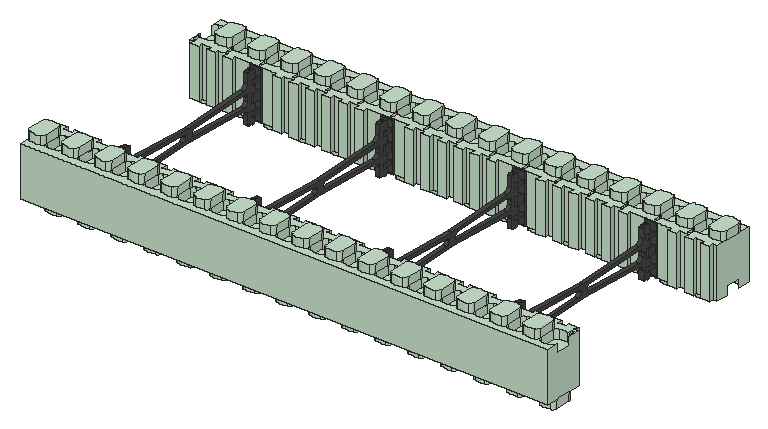
Revit family (continued)
Forms (mm)
  Extrusion 56, void
    sketch origin (508, 387.267, 0) x (-1, 0, 0) y (0, -1, 0)
      loop
        line (6.454, 56.046) -> (2.115, 56.046) -> (2.115, 47.255)
        arc (2.115, 47.255) -> (2.005, 46.676) -> (1.692, 46.177) r 1.588
        arc (1.692, 46.177) -> (0.438, 44.179) -> (0, 41.861) r 6.35
        line (0, 41.861) -> (0, 18.464)
        arc (0, 18.464) -> (1.215, 14.728) -> (4.396, 12.422) r 6.35
        arc (4.396, 12.422) -> (12.7, 11.112) -> (21.004, 12.422) r 26.987
        arc (21.004, 12.422) -> (24.185, 14.728) -> (25.4, 18.464) r 6.35
        line (25.4, 18.464) -> (25.4, 41.861)
        arc (25.4, 41.861) -> (24.185, 45.597) -> (21.004, 47.903) r 6.35
        arc (21.004, 47.903) -> (14.709, 49.138) -> (8.3, 48.851) r 26.987
        arc (8.3, 48.851) -> (7.014, 49.207) -> (6.454, 50.418) r 1.587
        line (6.454, 50.418) -> (6.454, 56.046)
    from 0 to 12.7
  Extrusion 57, void
    sketch origin (457.2, 387.267, 0) x (-1, 0, 0) y (0, -1, 0)
      loop
        line (6.454, 56.046) -> (2.115, 56.046) -> (2.115, 47.255)
        arc (2.115, 47.255) -> (2.005, 46.676) -> (1.692, 46.177) r 1.588
        arc (1.692, 46.177) -> (0.438, 44.179) -> (0, 41.861) r 6.35
        line (0, 41.861) -> (0, 18.464)
        arc (0, 18.464) -> (1.215, 14.728) -> (4.396, 12.422) r 6.35
        arc (4.396, 12.422) -> (12.7, 11.112) -> (21.004, 12.422) r 26.987
        arc (21.004, 12.422) -> (24.185, 14.728) -> (25.4, 18.464) r 6.35
        line (25.4, 18.464) -> (25.4, 41.861)
        arc (25.4, 41.861) -> (24.185, 45.597) -> (21.004, 47.903) r 6.35
        arc (21.004, 47.903) -> (14.709, 49.138) -> (8.3, 48.851) r 26.987
        arc (8.3, 48.851) -> (7.014, 49.207) -> (6.454, 50.418) r 1.587
        line (6.454, 50.418) -> (6.454, 56.046)
    from 0 to 12.7
  Extrusion 58, void
    sketch origin (406.4, 387.267, 0) x (-1, 0, 0) y (0, -1, 0)
      loop
        line (6.454, 56.046) -> (2.115, 56.046) -> (2.115, 47.255)
        arc (2.115, 47.255) -> (2.005, 46.676) -> (1.692, 46.177) r 1.588
        arc (1.692, 46.177) -> (0.438, 44.179) -> (0, 41.861) r 6.35
        line (0, 41.861) -> (0, 18.464)
        arc (0, 18.464) -> (1.215, 14.728) -> (4.396, 12.422) r 6.35
        arc (4.396, 12.422) -> (12.7, 11.112) -> (21.004, 12.422) r 26.987
        arc (21.004, 12.422) -> (24.185, 14.728) -> (25.4, 18.464) r 6.35
        line (25.4, 18.464) -> (25.4, 41.861)
        arc (25.4, 41.861) -> (24.185, 45.597) -> (21.004, 47.903) r 6.35
        arc (21.004, 47.903) -> (14.709, 49.138) -> (8.3, 48.851) r 26.987
        arc (8.3, 48.851) -> (7.014, 49.207) -> (6.454, 50.418) r 1.587
        line (6.454, 50.418) -> (6.454, 56.046)
    from 0 to 12.7
  Extrusion 59, void
    sketch origin (355.6, 387.267, 0) x (-1, 0, 0) y (0, -1, 0)
      loop
        line (6.454, 56.046) -> (2.115, 56.046) -> (2.115, 47.255)
        arc (2.115, 47.255) -> (2.005, 46.676) -> (1.692, 46.177) r 1.588
        arc (1.692, 46.177) -> (0.438, 44.179) -> (0, 41.861) r 6.35
        line (0, 41.861) -> (0, 18.464)
        arc (0, 18.464) -> (1.215, 14.728) -> (4.396, 12.422) r 6.35
        arc (4.396, 12.422) -> (12.7, 11.112) -> (21.004, 12.422) r 26.987
        arc (21.004, 12.422) -> (24.185, 14.728) -> (25.4, 18.464) r 6.35
        line (25.4, 18.464) -> (25.4, 41.861)
        arc (25.4, 41.861) -> (24.185, 45.597) -> (21.004, 47.903) r 6.35
        arc (21.004, 47.903) -> (14.709, 49.138) -> (8.3, 48.851) r 26.987
        arc (8.3, 48.851) -> (7.014, 49.207) -> (6.454, 50.418) r 1.587
        line (6.454, 50.418) -> (6.454, 56.046)
    from 0 to 12.7
  Extrusion 60, void
    sketch origin (304.8, 387.267, 0) x (-1, 0, 0) y (0, -1, 0)
      loop
        line (6.454, 56.046) -> (2.115, 56.046) -> (2.115, 47.255)
        arc (2.115, 47.255) -> (2.005, 46.676) -> (1.692, 46.177) r 1.588
        arc (1.692, 46.177) -> (0.438, 44.179) -> (0, 41.861) r 6.35
        line (0, 41.861) -> (0, 18.464)
        arc (0, 18.464) -> (1.215, 14.728) -> (4.396, 12.422) r 6.35
        arc (4.396, 12.422) -> (12.7, 11.112) -> (21.004, 12.422) r 26.987
        arc (21.004, 12.422) -> (24.185, 14.728) -> (25.4, 18.464) r 6.35
        line (25.4, 18.464) -> (25.4, 41.861)
        arc (25.4, 41.861) -> (24.185, 45.597) -> (21.004, 47.903) r 6.35
        arc (21.004, 47.903) -> (14.709, 49.138) -> (8.3, 48.851) r 26.987
        arc (8.3, 48.851) -> (7.014, 49.207) -> (6.454, 50.418) r 1.587
        line (6.454, 50.418) -> (6.454, 56.046)
    from 0 to 12.7
  Extrusion 61, void
    sketch origin (254, 387.267, 0) x (-1, 0, 0) y (0, -1, 0)
      loop
        line (6.454, 56.046) -> (2.115, 56.046) -> (2.115, 47.255)
        arc (2.115, 47.255) -> (2.005, 46.676) -> (1.692, 46.177) r 1.588
        arc (1.692, 46.177) -> (0.438, 44.179) -> (0, 41.861) r 6.35
        line (0, 41.861) -> (0, 18.464)
        arc (0, 18.464) -> (1.215, 14.728) -> (4.396, 12.422) r 6.35
        arc (4.396, 12.422) -> (12.7, 11.112) -> (21.004, 12.422) r 26.987
        arc (21.004, 12.422) -> (24.185, 14.728) -> (25.4, 18.464) r 6.35
        line (25.4, 18.464) -> (25.4, 41.861)
        arc (25.4, 41.861) -> (24.185, 45.597) -> (21.004, 47.903) r 6.35
        arc (21.004, 47.903) -> (14.709, 49.138) -> (8.3, 48.851) r 26.987
        arc (8.3, 48.851) -> (7.014, 49.207) -> (6.454, 50.418) r 1.587
        line (6.454, 50.418) -> (6.454, 56.046)
    from 0 to 12.7
  Extrusion 62, void
    sketch origin (203.2, 387.267, 0) x (-1, 0, 0) y (0, -1, 0)
      loop
        line (6.454, 56.046) -> (2.115, 56.046) -> (2.115, 47.255)
        arc (2.115, 47.255) -> (2.005, 46.676) -> (1.692, 46.177) r 1.588
        arc (1.692, 46.177) -> (0.438, 44.179) -> (0, 41.861) r 6.35
        line (0, 41.861) -> (0, 18.464)
        arc (0, 18.464) -> (1.215, 14.728) -> (4.396, 12.422) r 6.35
        arc (4.396, 12.422) -> (12.7, 11.112) -> (21.004, 12.422) r 26.987
        arc (21.004, 12.422) -> (24.185, 14.728) -> (25.4, 18.464) r 6.35
        line (25.4, 18.464) -> (25.4, 41.861)
        arc (25.4, 41.861) -> (24.185, 45.597) -> (21.004, 47.903) r 6.35
        arc (21.004, 47.903) -> (14.709, 49.138) -> (8.3, 48.851) r 26.987
        arc (8.3, 48.851) -> (7.014, 49.207) -> (6.454, 50.418) r 1.587
        line (6.454, 50.418) -> (6.454, 56.046)
    from 0 to 12.7
  Extrusion 63, void
    sketch origin (152.4, 387.267, 0) x (-1, 0, 0) y (0, -1, 0)
      loop
        line (6.454, 56.046) -> (2.115, 56.046) -> (2.115, 47.255)
        arc (2.115, 47.255) -> (2.005, 46.676) -> (1.692, 46.177) r 1.588
        arc (1.692, 46.177) -> (0.438, 44.179) -> (0, 41.861) r 6.35
        line (0, 41.861) -> (0, 18.464)
        arc (0, 18.464) -> (1.215, 14.728) -> (4.396, 12.422) r 6.35
        arc (4.396, 12.422) -> (12.7, 11.112) -> (21.004, 12.422) r 26.987
        arc (21.004, 12.422) -> (24.185, 14.728) -> (25.4, 18.464) r 6.35
        line (25.4, 18.464) -> (25.4, 41.861)
        arc (25.4, 41.861) -> (24.185, 45.597) -> (21.004, 47.903) r 6.35
        arc (21.004, 47.903) -> (14.709, 49.138) -> (8.3, 48.851) r 26.987
        arc (8.3, 48.851) -> (7.014, 49.207) -> (6.454, 50.418) r 1.587
        line (6.454, 50.418) -> (6.454, 56.046)
    from 0 to 12.7
  Extrusion 64, void
    sketch origin (101.6, 387.267, 0) x (-1, 0, 0) y (0, -1, 0)
      loop
        line (6.454, 56.046) -> (2.115, 56.046) -> (2.115, 47.255)
        arc (2.115, 47.255) -> (2.005, 46.676) -> (1.692, 46.177) r 1.588
        arc (1.692, 46.177) -> (0.438, 44.179) -> (0, 41.861) r 6.35
        line (0, 41.861) -> (0, 18.464)
        arc (0, 18.464) -> (1.215, 14.728) -> (4.396, 12.422) r 6.35
        arc (4.396, 12.422) -> (12.7, 11.112) -> (21.004, 12.422) r 26.987
        arc (21.004, 12.422) -> (24.185, 14.728) -> (25.4, 18.464) r 6.35
        line (25.4, 18.464) -> (25.4, 41.861)
        arc (25.4, 41.861) -> (24.185, 45.597) -> (21.004, 47.903) r 6.35
        arc (21.004, 47.903) -> (14.709, 49.138) -> (8.3, 48.851) r 26.987
        arc (8.3, 48.851) -> (7.014, 49.207) -> (6.454, 50.418) r 1.587
        line (6.454, 50.418) -> (6.454, 56.046)
    from 0 to 12.7
  Extrusion 65, void
    sketch origin (50.8, 387.267, 0) x (-1, 0, 0) y (0, -1, 0)
      loop
        line (6.454, 56.046) -> (2.115, 56.046) -> (2.115, 47.255)
        arc (2.115, 47.255) -> (2.005, 46.676) -> (1.692, 46.177) r 1.588
        arc (1.692, 46.177) -> (0.438, 44.179) -> (0, 41.861) r 6.35
        line (0, 41.861) -> (0, 18.464)
        arc (0, 18.464) -> (1.215, 14.728) -> (4.396, 12.422) r 6.35
        arc (4.396, 12.422) -> (12.7, 11.112) -> (21.004, 12.422) r 26.987
        arc (21.004, 12.422) -> (24.185, 14.728) -> (25.4, 18.464) r 6.35
        line (25.4, 18.464) -> (25.4, 41.861)
        arc (25.4, 41.861) -> (24.185, 45.597) -> (21.004, 47.903) r 6.35
        arc (21.004, 47.903) -> (14.709, 49.138) -> (8.3, 48.851) r 26.987
        arc (8.3, 48.851) -> (7.014, 49.207) -> (6.454, 50.418) r 1.587
        line (6.454, 50.418) -> (6.454, 56.046)
    from 0 to 12.7
Cuts and joins
  Extrusion 2, Extrusion 3, Extrusion 4, Extrusion 5, Extrusion 6, Extrusion 7, Extrusion 8, Extrusion 9, Extrusion 10, Extrusion 11, Extrusion 12, Extrusion 13, Extrusion 14, Extrusion 15, Extrusion 16, Extrusion 17, Extrusion 18, Extrusion 19, Extrusion 20, Extrusion 21, Extrusion 22, Extrusion 23, Extrusion 24, Extrusion 25, Extrusion 26, Extrusion 27, Extrusion 28, Extrusion 29, Extrusion 30, Extrusion 31, Extrusion 32, Extrusion 33, Extrusion 34, Extrusion 35, Extrusion 36, Extrusion 37, Extrusion 38, Extrusion 39, Extrusion 40, Extrusion 41, Extrusion 42, Extrusion 43, Extrusion 44, Extrusion 45, Extrusion 46, Extrusion 47, Extrusion 48, Extrusion 49, Extrusion 50, Extrusion 51, Extrusion 52, Extrusion 53, Extrusion 54, Extrusion 55, Extrusion 56, Extrusion 57, Extrusion 58, Extrusion 59, Extrusion 60, Extrusion 61, Extrusion 62, Extrusion 63, Extrusion 64, Extrusion 65 cuts Extrusion 1
Dimensions and locks
  aligned and locked: level to plane 2
Nested families
  nested 1: "Interlock Tooth" at (0, 142.792, -381), type "Interlock Tooth"
  nested 2: "Interlock Tooth" at (50.8, 142.792, -381), type "Interlock Tooth"
  nested 3: "Interlock Tooth" at (101.6, 142.792, -381), type "Interlock Tooth"
  nested 4: "Interlock Tooth" at (152.4, 142.792, -381), type "Interlock Tooth"
  nested 5: "Interlock Tooth" at (203.2, 142.792, -381), type "Interlock Tooth"
  nested 6: "Interlock Tooth" at (254, 142.792, -381), type "Interlock Tooth"
  nested 7: "Interlock Tooth" at (304.8, 142.792, -381), type "Interlock Tooth"
  nested 8: "Interlock Tooth" at (355.6, 142.792, -381), type "Interlock Tooth"
  nested 9: "Interlock Tooth" at (406.4, 142.792, -381), type "Interlock Tooth"
  nested 10: "Interlock Tooth" at (457.2, 142.792, -381), type "Interlock Tooth"
  nested 11: "Interlock Tooth" at (508, 142.792, -381), type "Interlock Tooth"
  nested 12: "Interlock Tooth" at (558.8, 142.792, -381), type "Interlock Tooth"
  nested 13: "Interlock Tooth" at (609.6, 142.792, -381), type "Interlock Tooth"
  nested 14: "Interlock Tooth" at (660.4, 142.792, -381), type "Interlock Tooth"
  nested 15: "Interlock Tooth" at (711.2, 142.792, -381), type "Interlock Tooth"
  nested 16: "Interlock Tooth" at (762, 142.792, -381), type "Interlock Tooth"
  nested 17: "Interlock Tooth" at (76.2, 142.792, -469.9), type "Interlock Tooth"
  nested 18: "Interlock Tooth" at (127, 142.792, -469.9), type "Interlock Tooth"
  nested 19: "Interlock Tooth" at (177.8, 142.792, -469.9), type "Interlock Tooth"
  nested 20: "Interlock Tooth" at (228.6, 142.792, -469.9), type "Interlock Tooth"
  nested 21: "Interlock Tooth" at (25.4, 142.792, -469.9), type "Interlock Tooth"
  nested 22: "Interlock Tooth" at (279.4, 142.792, -469.9), type "Interlock Tooth"
  nested 23: "Interlock Tooth" at (330.2, 142.792, -469.9), type "Interlock Tooth"
  nested 24: "Interlock Tooth" at (381, 142.792, -469.9), type "Interlock Tooth"
  nested 25: "Interlock Tooth" at (431.8, 142.792, -469.9), type "Interlock Tooth"
  nested 26: "Interlock Tooth" at (482.6, 142.792, -469.9), type "Interlock Tooth"
  nested 27: "Interlock Tooth" at (533.4, 142.792, -469.9), type "Interlock Tooth"
  nested 28: "Interlock Tooth" at (584.2, 142.792, -469.9), type "Interlock Tooth"
  nested 29: "Interlock Tooth" at (635, 142.792, -469.9), type "Interlock Tooth"
  nested 30: "Interlock Tooth" at (685.8, 142.792, -469.9), type "Interlock Tooth"
  nested 31: "Interlock Tooth" at (736.6, 142.792, -469.9), type "Interlock Tooth"
  nested 32: "Interlock Tooth" at (787.4, 142.792, -469.9), type "Interlock Tooth"
  nested 33: "Interlock Tooth" at (812.8, 244.392, -381) x (-1, 0, 0) z (0, 0, 1), type "Interlock Tooth"
  nested 34: "Interlock Tooth" at (762, 244.392, -381) x (-1, 0, 0) z (0, 0, 1), type "Interlock Tooth"
  nested 35: "Interlock Tooth" at (711.2, 244.392, -381) x (-1, 0, 0) z (0, 0, 1), type "Interlock Tooth"
  nested 36: "Interlock Tooth" at (660.4, 244.392, -381) x (-1, 0, 0) z (0, 0, 1), type "Interlock Tooth"
  nested 37: "Interlock Tooth" at (609.6, 244.392, -381) x (-1, 0, 0) z (0, 0, 1), type "Interlock Tooth"
  nested 38: "Interlock Tooth" at (558.8, 244.392, -381) x (-1, 0, 0) z (0, 0, 1), type "Interlock Tooth"
  nested 39: "Interlock Tooth" at (508, 244.392, -381) x (-1, 0, 0) z (0, 0, 1), type "Interlock Tooth"
  nested 40: "Interlock Tooth" at (457.2, 244.392, -381) x (-1, 0, 0) z (0, 0, 1), type "Interlock Tooth"
  nested 41: "Interlock Tooth" at (406.4, 244.392, -381) x (-1, 0, 0) z (0, 0, 1), type "Interlock Tooth"
  nested 42: "Interlock Tooth" at (355.6, 244.392, -381) x (-1, 0, 0) z (0, 0, 1), type "Interlock Tooth"
  nested 43: "Interlock Tooth" at (304.8, 244.392, -381) x (-1, 0, 0) z (0, 0, 1), type "Interlock Tooth"
  nested 44: "Interlock Tooth" at (254, 244.392, -381) x (-1, 0, 0) z (0, 0, 1), type "Interlock Tooth"
  nested 45: "Interlock Tooth" at (203.2, 244.392, -381) x (-1, 0, 0) z (0, 0, 1), type "Interlock Tooth"
  nested 46: "Interlock Tooth" at (152.4, 244.392, -381) x (-1, 0, 0) z (0, 0, 1), type "Interlock Tooth"
  nested 47: "Interlock Tooth" at (101.6, 244.392, -381) x (-1, 0, 0) z (0, 0, 1), type "Interlock Tooth"
  nested 48: "Interlock Tooth" at (50.8, 244.392, -381) x (-1, 0, 0) z (0, 0, 1), type "Interlock Tooth"
  nested 49: "Interlock Tooth" at (736.6, 244.392, -469.9) x (-1, 0, 0) z (0, 0, 1), type "Interlock Tooth"
  nested 50: "Interlock Tooth" at (685.8, 244.392, -469.9) x (-1, 0, 0) z (0, 0, 1), type "Interlock Tooth"
  nested 51: "Interlock Tooth" at (635, 244.392, -469.9) x (-1, 0, 0) z (0, 0, 1), type "Interlock Tooth"
  nested 52: "Interlock Tooth" at (584.2, 244.392, -469.9) x (-1, 0, 0) z (0, 0, 1), type "Interlock Tooth"
  nested 53: "Interlock Tooth" at (787.4, 244.392, -469.9) x (-1, 0, 0) z (0, 0, 1), type "Interlock Tooth"
  nested 54: "Interlock Tooth" at (533.4, 244.392, -469.9) x (-1, 0, 0) z (0, 0, 1), type "Interlock Tooth"
  nested 55: "Interlock Tooth" at (482.6, 244.392, -469.9) x (-1, 0, 0) z (0, 0, 1), type "Interlock Tooth"
  nested 56: "Interlock Tooth" at (431.8, 244.392, -469.9) x (-1, 0, 0) z (0, 0, 1), type "Interlock Tooth"
  nested 57: "Interlock Tooth" at (381, 244.392, -469.9) x (-1, 0, 0) z (0, 0, 1), type "Interlock Tooth"
  nested 58: "Interlock Tooth" at (330.2, 244.392, -469.9) x (-1, 0, 0) z (0, 0, 1), type "Interlock Tooth"
  nested 59: "Interlock Tooth" at (279.4, 244.392, -469.9) x (-1, 0, 0) z (0, 0, 1), type "Interlock Tooth"
  nested 60: "Interlock Tooth" at (228.6, 244.392, -469.9) x (-1, 0, 0) z (0, 0, 1), type "Interlock Tooth"
  nested 61: "Interlock Tooth" at (177.8, 244.392, -469.9) x (-1, 0, 0) z (0, 0, 1), type "Interlock Tooth"
  nested 62: "Interlock Tooth" at (127, 244.392, -469.9) x (-1, 0, 0) z (0, 0, 1), type "Interlock Tooth"
  nested 63: "Interlock Tooth" at (76.2, 244.392, -469.9) x (-1, 0, 0) z (0, 0, 1), type "Interlock Tooth"
  nested 64: "Interlock Tooth" at (25.4, 244.392, -469.9) x (-1, 0, 0) z (0, 0, 1), type "Interlock Tooth"
  nested 65: "NUDURA Height Adjuster Diamond Pattern" at (609.6, 530.142, 0), type "NUDURA Height Adjuster Diamond Pattern"
  nested 66: "NUDURA Height Adjuster Diamond Pattern" at (406.4, 530.142, 0), type "NUDURA Height Adjuster Diamond Pattern"
  nested 67: "NUDURA Height Adjuster Diamond Pattern" at (203.2, 530.142, 0), type "NUDURA Height Adjuster Diamond Pattern"
  nested 68: "NUDURA Height Adjuster Diamond Pattern" at (0, 530.142, 0), type "NUDURA Height Adjuster Diamond Pattern"
  nested 69: "NUDURA Height Adjuster Diamond Pattern" at (609.6, -142.958, 0), type "NUDURA Height Adjuster Diamond Pattern"
  nested 70: "NUDURA Height Adjuster Diamond Pattern" at (406.4, -142.958, 0), type "NUDURA Height Adjuster Diamond Pattern"
  nested 71: "NUDURA Height Adjuster Diamond Pattern" at (203.2, -142.958, 0), type "NUDURA Height Adjuster Diamond Pattern"
  nested 72: "NUDURA Height Adjuster Diamond Pattern" at (0, -142.958, 0), type "NUDURA Height Adjuster Diamond Pattern"
  nested 73: "NUDURA 10-inch Height Adjuster Web" at (101.6, 193.592, 0), type "NUDURA 10-inch Height Adjuster Web"
  nested 74: "NUDURA 10-inch Height Adjuster Web" at (304.8, 193.592, 0), type "NUDURA 10-inch Height Adjuster Web"
  nested 75: "NUDURA 10-inch Height Adjuster Web" at (508, 193.592, 0), type "NUDURA 10-inch Height Adjuster Web"
  nested 76: "NUDURA 10-inch Height Adjuster Web" at (711.2, 193.592, 0), type "NUDURA 10-inch Height Adjuster Web"
Definition of nested family "Interlock Tooth"
  Reference planes
    plane 1 "Center (Front/Back)": y = 0
    plane 2: z = 0
    plane 3 "Center (Left/Right)": x = 0
    plane 4: z = 457.2
    plane 5: z = 469.9
    plane 6: z = -12.7
  Forms (mm)
    Extrusion 1, solid, material "NUDURA Expanded Polystyrene Foam Insulation"
      sketch origin (0, -225.425, 0) x (1, 0, 0) y (0, 1, 0)
        loop
          arc (0, 101.014) -> (1.215, 97.278) -> (4.396, 94.972) r 6.35
          arc (4.396, 94.972) -> (12.7, 93.663) -> (21.004, 94.972) r 26.988
          arc (21.004, 94.972) -> (24.185, 97.278) -> (25.4, 101.014) r 6.35
          line (25.4, 101.014) -> (25.4, 124.411)
          arc (25.4, 124.411) -> (24.185, 128.147) -> (21.004, 130.453) r 6.35
          arc (21.004, 130.453) -> (12.7, 131.763) -> (4.396, 130.453) r 26.987
          arc (4.396, 130.453) -> (1.215, 128.147) -> (0, 124.411) r 6.35
          line (0, 124.411) -> (0, 101.014)
      from 457.2 to 469.9
  Dimensions and locks
    locked: plane 4 to level at 457.2
    locked: plane 4 to plane 5 at 12.7
    locked: plane 6 to level at 12.7
Definition of nested family "NUDURA 10-inch Height Adjuster Web"
  Reference planes
    plane 1 "Center (Front/Back)": y = 0
    plane 2: z = 0
    plane 3 "Center (Left/Right)": x = 0
    plane 4: z = 76.2
    plane 5: z = 12.7
    plane 6: z = 63.5
    plane 7: z = 57.15
    plane 8: z = 19.05
    plane 9: z = 31.75
    plane 10: z = 44.45
  Forms (mm)
    Extrusion 1, solid, material "High Density Polystyrene"
      sketch origin (0, 6.921, 0) x (0, 1, 0) y (0, 0, 1)
        loop
          line (126.429, 0) -> (126.429, 76.2)
          arc (126.429, 76.2) -> (125.695, 75.698) -> (125.412, 74.856) r 1.397
          line (125.412, 74.856) -> (125.412, 1.344)
          arc (125.412, 1.344) -> (125.695, 0.502) -> (126.429, 0) r 1.397
        loop
          arc (-140.271, 0) -> (-139.538, 0.502) -> (-139.255, 1.344) r 1.397
          line (-139.255, 1.344) -> (-139.255, 74.856)
          arc (-139.255, 74.856) -> (-139.538, 75.698) -> (-140.271, 76.2) r 1.397
          line (-140.271, 76.2) -> (-140.271, 0)
      from -9.227 to 9.227
    Extrusion 2, solid, material "High Density Polystyrene"
      sketch origin (0, 0.508, 0) x (0, 1, 0) y (0, 0, 1)
        loop
          arc (106.508, 23.863) -> (111.678, 21.519) -> (113.792, 16.251) r 7.62
          line (113.792, 16.251) -> (113.792, 2.005) -> (116.332, 2.005)
          arc (116.332, 2.005) -> (116.696, 1.126) -> (117.575, 0.762) r 1.243
          line (117.575, 0.762) -> (121.412, 0.762) -> (122.174, 0) -> (124.46, 0) -> (126.492, 2.032) -> (126.492, 74.168) -> (124.46, 76.2) -> (122.174, 76.2) -> (121.412, 75.438) -> (117.575, 75.438)
          arc (117.575, 75.438) -> (116.696, 75.074) -> (116.332, 74.195) r 1.243
          line (116.332, 74.195) -> (113.792, 74.195) -> (113.792, 59.922)
          arc (113.792, 59.922) -> (111.779, 54.762) -> (106.804, 52.328) r 7.62
          line (106.804, 52.328) -> (-0.508, 47.642) -> (-107.82, 52.328)
          arc (-107.82, 52.328) -> (-112.795, 54.762) -> (-114.808, 59.922) r 7.62
          line (-114.808, 59.922) -> (-114.808, 74.195) -> (-117.348, 74.195)
          arc (-117.348, 74.195) -> (-117.712, 75.074) -> (-118.591, 75.438) r 1.243
          line (-118.591, 75.438) -> (-122.428, 75.438) -> (-123.19, 76.2) -> (-125.476, 76.2) -> (-127.508, 74.168) -> (-127.508, 2.032) -> (-125.476, 0) -> (-123.19, 0) -> (-122.428, 0.762) -> (-118.591, 0.762)
          arc (-118.591, 0.762) -> (-117.712, 1.126) -> (-117.348, 2.005) r 1.243
          line (-117.348, 2.005) -> (-114.808, 2.005) -> (-114.808, 16.251)
          arc (-114.808, 16.251) -> (-112.693, 21.52) -> (-107.521, 23.864) r 7.62
          line (-107.521, 23.864) -> (-0.087, 28.564) -> (106.508, 23.863)
        loop
          line (107.192, 47.462) -> (9.231, 43.609)
          arc (9.231, 43.609) -> (5.914, 41.987) -> (4.572, 38.547) r 5.08
          line (4.572, 38.547) -> (4.572, 37.653)
          arc (4.572, 37.653) -> (5.914, 34.213) -> (9.231, 32.591) r 5.08
          line (9.231, 32.591) -> (107.192, 28.738)
          arc (107.192, 28.738) -> (111.843, 30.506) -> (113.792, 35.083) r 6.35
          line (113.792, 35.083) -> (113.792, 41.117)
          arc (113.792, 41.117) -> (111.843, 45.694) -> (107.192, 47.462) r 6.35
        loop
          line (-10.247, 43.609) -> (-108.209, 47.462)
          arc (-108.209, 47.462) -> (-112.859, 45.694) -> (-114.808, 41.117) r 6.35
          line (-114.808, 41.117) -> (-114.808, 35.083)
          arc (-114.808, 35.083) -> (-112.859, 30.506) -> (-108.209, 28.738) r 6.35
          line (-108.209, 28.738) -> (-10.247, 32.591)
          arc (-10.247, 32.591) -> (-6.93, 34.213) -> (-5.588, 37.653) r 5.08
          line (-5.588, 37.653) -> (-5.588, 38.547)
          arc (-5.588, 38.547) -> (-6.93, 41.987) -> (-10.247, 43.609) r 5.08
      from -3.175 to 3.175
    Extrusion 3, void
      sketch origin (0, 50.8, -2.205) x (-1, 0, 0) y (0, -1, 0)
        loop
          arc (-6.35, -70.929) -> (-5.736, -69.448) -> (-4.255, -68.834) r 2.095
          line (-4.255, -68.834) -> (-6.35, -68.834) -> (-6.35, -70.929)
      from 14.905 to 65.705
    Extrusion 4, void
      sketch origin (0, -50.8, 0) x (1, 0, 0) y (0, 1, 0)
        loop
          arc (-6.35, -70.929) -> (-5.736, -69.448) -> (-4.255, -68.834) r 2.095
          line (-4.255, -68.834) -> (-6.35, -68.834) -> (-6.35, -70.929)
      from 12.7 to 63.5
    Extrusion 5, void
      sketch origin (0, -50.8, 0) x (-1, 0, 0) y (0, -1, 0)
        loop
          line (-6.35, 70.929) -> (-6.35, 68.834) -> (-4.255, 68.834)
          arc (-4.255, 68.834) -> (-5.736, 69.448) -> (-6.35, 70.929) r 2.095
      from 12.7 to 63.5
    Extrusion 6, solid, material "High Density Polystyrene"
      sketch origin (0, 0, 0) x (0, 1, 0) y (0, 0, 1)
        loop
          line (132.334, 63.5) -> (119.634, 63.5) -> (119.634, 57.15) -> (132.334, 57.15) -> (132.334, 63.5)
        loop
          line (132.334, 44.45) -> (119.634, 44.45) -> (119.634, 31.75) -> (132.334, 31.75) -> (132.334, 44.45)
        loop
          line (132.334, 19.05) -> (119.634, 19.05) -> (119.634, 12.7) -> (132.334, 12.7) -> (132.334, 19.05)
        loop
          line (-132.334, 63.5) -> (-132.334, 57.15) -> (-119.634, 57.15) -> (-119.634, 63.5) -> (-132.334, 63.5)
        loop
          line (-132.334, 44.45) -> (-132.334, 31.75) -> (-119.634, 31.75) -> (-119.634, 44.45) -> (-132.334, 44.45)
        loop
          line (-132.334, 19.05) -> (-132.334, 12.7) -> (-119.634, 12.7) -> (-119.634, 19.05) -> (-132.334, 19.05)
      from -6.35 to 6.35
    Extrusion 7, void
      sketch origin (0, 50.8, -2.205) x (1, 0, 0) y (0, 1, 0)
        loop
          line (-6.35, 70.929) -> (-6.35, 68.834) -> (-4.255, 68.834)
          arc (-4.255, 68.834) -> (-5.736, 69.448) -> (-6.35, 70.929) r 2.095
      from 14.905 to 65.705
  Cuts and joins
    Extrusion 3, Extrusion 4, Extrusion 5, Extrusion 7 cuts Extrusion 6
    Extrusion 7 cuts Extrusion 1
Definition of nested family "NUDURA Height Adjuster Diamond Pattern"
  Reference planes
    plane 1 "Center (Front/Back)": y = 0
    plane 2: z = 0
    plane 3 "Center (Left/Right)": x = 0
    plane 4: z = 76.2
  Lines and regions (mm)
    model lines
      curve 1: line (203.2, -142.875, 76.2) -> (203.2, -142.875, 0)
      curve 2: line (152.4, -142.875, 76.2) -> (152.4, -142.875, 0)
      curve 3: line (50.8, -142.875, 76.2) -> (50.8, -142.875, 0)
      curve 4: line (117.704, -142.875, 63.885) -> (108.981, -142.875, 72.608)
      curve 5: arc (117.704, -142.875, 50.415) -> (120.494, -142.875, 57.15) -> (117.704, -142.875, 63.885) r 9.525
      curve 6: line (108.981, -142.875, 41.692) -> (117.704, -142.875, 50.415)
      curve 7: line (85.183, -142.875, 50.415) -> (93.906, -142.875, 41.692)
      curve 8: arc (85.183, -142.875, 63.885) -> (82.394, -142.875, 57.15) -> (85.183, -142.875, 50.415) r 9.525
      curve 9: line (93.906, -142.875, 72.608) -> (85.183, -142.875, 63.885)
      curve 10: arc (105.934, -142.875, 71.165) -> (101.444, -142.875, 73.025) -> (96.953, -142.875, 71.165) r 6.35
      curve 11: line (96.953, -142.875, 71.165) -> (87.428, -142.875, 61.64)
      curve 12: arc (87.428, -142.875, 61.64) -> (85.569, -142.875, 57.15) -> (87.428, -142.875, 52.66) r 6.35
      curve 13: line (87.428, -142.875, 52.66) -> (96.953, -142.875, 43.135)
      curve 14: arc (96.953, -142.875, 43.135) -> (101.444, -142.875, 41.275) -> (105.934, -142.875, 43.135) r 6.35
      curve 15: line (105.934, -142.875, 43.135) -> (115.459, -142.875, 52.66)
      curve 16: arc (115.459, -142.875, 52.66) -> (117.319, -142.875, 57.15) -> (115.459, -142.875, 61.64) r 6.35
      curve 17: line (115.459, -142.875, 61.64) -> (105.934, -142.875, 71.165)
      curve 18: arc (93.906, -142.875, 34.508) -> (95.394, -142.875, 38.1) -> (93.906, -142.875, 41.692) r 5.08
      curve 19: line (93.906, -142.875, 34.508) -> (85.183, -142.875, 25.785)
      curve 20: arc (85.183, -142.875, 25.785) -> (82.394, -142.875, 19.05) -> (85.183, -142.875, 12.315) r 9.525
      curve 21: line (85.183, -142.875, 12.315) -> (94.708, -142.875, 2.79)
      curve 22: arc (94.708, -142.875, 2.79) -> (101.444, -142.875, 0) -> (108.179, -142.875, 2.79) r 9.525
      curve 23: line (108.179, -142.875, 2.79) -> (117.704, -142.875, 12.315)
      curve 24: arc (117.704, -142.875, 12.315) -> (120.494, -142.875, 19.05) -> (117.704, -142.875, 25.785) r 9.525
      curve 25: line (117.704, -142.875, 25.785) -> (108.981, -142.875, 34.508)
      curve 26: arc (108.981, -142.875, 41.692) -> (107.493, -142.875, 38.1) -> (108.981, -142.875, 34.508) r 5.08
      curve 27: arc (105.934, -142.875, 33.065) -> (101.444, -142.875, 34.925) -> (96.953, -142.875, 33.065) r 6.35
      curve 28: line (115.459, -142.875, 23.54) -> (105.934, -142.875, 33.065)
      curve 29: arc (115.459, -142.875, 14.56) -> (117.319, -142.875, 19.05) -> (115.459, -142.875, 23.54) r 6.35
      curve 30: line (105.934, -142.875, 5.035) -> (115.459, -142.875, 14.56)
      curve 31: arc (96.953, -142.875, 5.035) -> (101.444, -142.875, 3.175) -> (105.934, -142.875, 5.035) r 6.35
      curve 32: line (87.428, -142.875, 14.56) -> (96.953, -142.875, 5.035)
      curve 33: arc (87.428, -142.875, 23.54) -> (85.569, -142.875, 19.05) -> (87.428, -142.875, 14.56) r 6.35
      curve 34: line (96.953, -142.875, 33.065) -> (87.428, -142.875, 23.54)
      curve 35: arc (108.179, -142.875, 73.41) -> (101.444, -142.875, 76.2) -> (94.708, -142.875, 73.41) r 9.525
